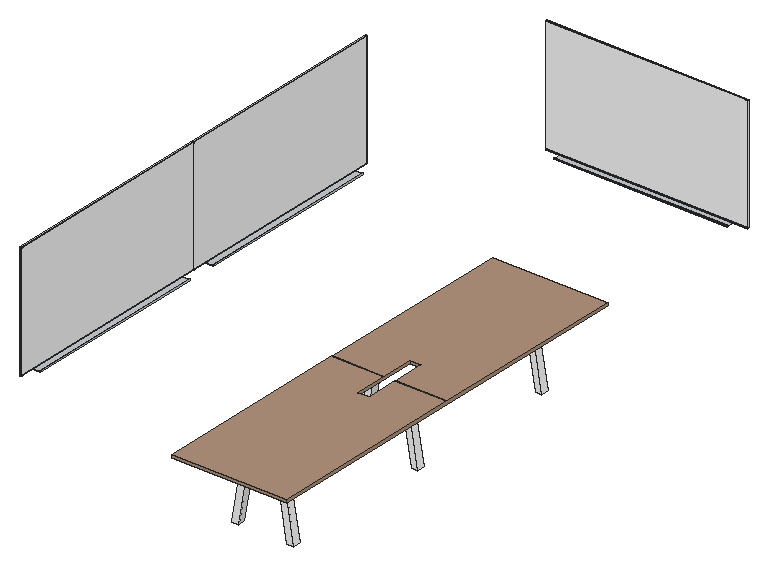
Revit family "Expansion_Casegoods-Meeting_03-Teknion-R2018", category Furniture Systems, Revit 2018
Family settings
  Round Connector Dimension = Use Diameter
  Part Type = Normal
  OmniClass Number = 23.40.70.14.64.21
  OmniClass Title = Systems Furniture
  Work Plane-Based = No
  Always vertical = Yes
  Cut with Voids When Loaded = No
  Shared = Yes
  Room Calculation Point = No
Parameters (values of type "Meeting 03")
  Warranty = "http://www.teknion.com/ca/papers/legal-canada"
  Unit Weight URL = "http://www.teknion.com/ca/tools/assets#&asset=bee6a381-b954-425e-8283-5a2de3a804f2,f828d448-4b62-4231-9e5f-9a8991c0ed77"
  URL = "www.teknion.com"
  Type Comments = "10'-6” x 19'-0” Overall"
  To render please download texture images found here [instance] = "https://assets.teknion.com/web/5e81352c1dfdb467/revit-material-swatches/"
  Sustainability Data = "https://www.teknion.com/ca/tools/assets#&topic=216f99a5-57a0-44fc-b10a-9dee9b29ae4c&asset=444deb64-fe58-4b68-981e-f75e97781df7,b4ff2d81-9f2e-437d-9659-7cffb09c31cf"
  Series = "Expansion Casegoods"  # constant formula
  Product Page URL = "https://www.teknionplanningtool.com/#?Meeting-03-ExpCasegoods"
  Product Line = "Expansion Casegoods"  # constant formula
  Model = "Expansion Casegoods Meeting 03"
  Material Finish Note [instance] = "Click on Edit Family to change the finishes."  # constant formula
  Manufacturer Phone = "416-661-3370"  # constant formula
  Manufacturer Fax = "416.661.4586"  # constant formula
  Manufacturer Contact Information = "http://www.teknion.com/ca/contactus"
  Manufacturer Address = "1150 Flint Road, Toronto, ON. M3J 2J5. Canada"  # constant formula
  Manufacturer = "Teknion"  # constant formula
  How To Use Teknion Materials User Guide [instance] = "https://assets.teknion.com/m/205dd0a49fa58060/original/How-to-add-a-Material-Library-and-Texture-Images-to-your-Revit-project.pdf"
  For Additional Finishes please visit [instance] = "https://assets.teknion.com/m/44a8009b046e5d47/original/Teknion_Materials_Library.zip"
  Assembly Code = "E2020200"
Reference planes (in)
  plane 1 "Center F/B": y = -14.21117
  plane 2: z = 0
  plane 3 "Center L/R": x = -4.21607
  plane 4 "Top": z = 29
  plane 5: x = -66
  plane 6: y = -126.42234
  plane 7: y = 98
  plane 8: x = 57.56785
Dimensions and locks (in)
  locked: plane 4 "Top" to level at 29
  equal spacing: plane 5, plane 3 "Center L/R", plane 8
  equal spacing: plane 7, plane 1 "Center F/B", plane 6
  plane 7 to plane 6 = 18' - 8.42234"
  plane 5 to plane 8 = 10' - 3.56785"
  aligned and locked: level to plane 2
Nested families (in)
  nested 1: "Tables-Meeting-Teknion-BAWMG_Wall_Mounted_Glass_Markerboard-R2018" at (14.79487, 97.85646, 0), type "Non-Magnetic Glass Markerboard Style, 48" h, with Pencil Tray"
    with Width 7' - 0", Top Trim & Pencil Tray Finish Paint - Teknion - Foundation - Very White, To render please download texture images found here "https://assets.teknion.com/web/5e81352c1dfdb467/revit-material-swatches/", How To Use Teknion Materials User Guide "https://assets.teknion.com/m/205dd0a49fa58060/original/How-to-add-a-Material-Library-and-Texture-Images-to-your-Revit-project.pdf", For Additional Finishes please visit "https://assets.teknion.com/m/44a8009b046e5d47/original/Teknion_Materials_Library.zip", Available Widths "48, 49, 50, 51, 52, 53, 54, 55, 56, 57, 58, 59, 60, 61, 62, 63, 64, 65, 66, 67, 68, 69, 70, 71, 72, 73, 74, 75, 76, 77, 78, 79, 80, 81, 82, 83, 84, 85, 86, 87, 88, 89, 90, 91, 92, 93, 94, 95, 96 inches."
  nested 2: "Tables-Meeting-Teknion-BC_CWA_Workshop_Conference_Table-R2018" at (16.67169, -37.51292, 0) x (0, 1, 0) z (0, 0, 1), type "1 3/16" Worksurface Thickness, 48" Depth"
    with Worksurface Finish Source Laminate - Teknion - 3M - Provincial Oak (Cross Grain), Width 14' - 0", To render please download texture images found here "https://assets.teknion.com/web/5e81352c1dfdb467/revit-material-swatches/", Thirds Split Visibility no, Thirds Split 2' - 5.996", Support Finish Mica - Teknion - V - Satin - Very White, Straight Corner yes, Radius Corner no, Power Pill Quad no, Power Module Cutout Note "Select one of the options below", No Cut-Out no, Linear Power Module Standard 18" no, Linear Power Module Extended  28" yes, Leg offset 1' - 4.142", How To Use Teknion Materials User Guide "https://assets.teknion.com/m/205dd0a49fa58060/original/How-to-add-a-Material-Library-and-Texture-Images-to-your-Revit-project.pdf", For Additional Finishes please visit "https://assets.teknion.com/m/44a8009b046e5d47/original/Teknion_Materials_Library.zip", Cutout 28 2' - 4.996", Corner Detail Note "Select one of the options below", Corner Cutout 2' - 7.996", Center leg yes, Center Split Visibility yes, Center Split 2' - 4.996", Center Leg Visibility 4' - 9.992", Available Widths "108\", 120\", 132\", 144\", 156\",and 168\"", Actual Width 13' - 11.16", 3 Power Pill Visibility no, 3 Power Pill 2' - 6.996", 3 Cutout 18 Visibility no, 3 Cutout 18 2' - 6.996", 2 Power Pill Visibility no, 2 Power Pill 2' - 6.996", 2 Cutout 18 Visibility no, 2 Cutout 18 2' - 6.996"
  nested 3: "Tables-Meeting-Teknion-BAWMG_Wall_Mounted_Glass_Markerboard-R2018" at (-65.85646, 7.87968, 0) x (0, 1, 0) z (0, 0, 1), type "Non-Magnetic Glass Markerboard Style, 48" h, with Pencil Tray"
    with Width 7' - 6", Top Trim & Pencil Tray Finish Paint - Teknion - Foundation - Very White, To render please download texture images found here "https://assets.teknion.com/web/5e81352c1dfdb467/revit-material-swatches/", How To Use Teknion Materials User Guide "https://assets.teknion.com/m/205dd0a49fa58060/original/How-to-add-a-Material-Library-and-Texture-Images-to-your-Revit-project.pdf", For Additional Finishes please visit "https://assets.teknion.com/m/44a8009b046e5d47/original/Teknion_Materials_Library.zip", Available Widths "48, 49, 50, 51, 52, 53, 54, 55, 56, 57, 58, 59, 60, 61, 62, 63, 64, 65, 66, 67, 68, 69, 70, 71, 72, 73, 74, 75, 76, 77, 78, 79, 80, 81, 82, 83, 84, 85, 86, 87, 88, 89, 90, 91, 92, 93, 94, 95, 96 inches."
  nested 4: "Tables-Meeting-Teknion-BAWMG_Wall_Mounted_Glass_Markerboard-R2018" at (-65.85646, -82.12032, 0) x (0, 1, 0) z (0, 0, 1), type "Non-Magnetic Glass Markerboard Style, 48" h, with Pencil Tray"
    with Width 7' - 6", Top Trim & Pencil Tray Finish Paint - Teknion - Foundation - Very White, To render please download texture images found here "https://assets.teknion.com/web/5e81352c1dfdb467/revit-material-swatches/", How To Use Teknion Materials User Guide "https://assets.teknion.com/m/205dd0a49fa58060/original/How-to-add-a-Material-Library-and-Texture-Images-to-your-Revit-project.pdf", For Additional Finishes please visit "https://assets.teknion.com/m/44a8009b046e5d47/original/Teknion_Materials_Library.zip", Available Widths "48, 49, 50, 51, 52, 53, 54, 55, 56, 57, 58, 59, 60, 61, 62, 63, 64, 65, 66, 67, 68, 69, 70, 71, 72, 73, 74, 75, 76, 77, 78, 79, 80, 81, 82, 83, 84, 85, 86, 87, 88, 89, 90, 91, 92, 93, 94, 95, 96 inches."
Definition of nested family "Tables-Meeting-Teknion-BAWMG_Wall_Mounted_Glass_Markerboard-R2018"
  Parameters (values of type "Non-Magnetic Glass Markerboard Style, 52" h, with Pencil Tray")
    Width [instance] = 4' - 0"
    Warranty = "http://www.teknion.com/ca/papers/legal-canada"
    Unit Weight URL = "http://www.teknion.com/ca/tools/assets#&asset=bee6a381-b954-425e-8283-5a2de3a804f2,f828d448-4b62-4231-9e5f-9a8991c0ed77"
    URL = "www.teknion.com"
    Top Trim & Pencil Tray Finish [instance] = none
    To render please download texture images found here [instance] = "https://assets.teknion.com/web/5e81352c1dfdb467/revit-material-swatches/"
    Sustainability Data = "https://www.teknion.com/ca/tools/assets#&topic=216f99a5-57a0-44fc-b10a-9dee9b29ae4c&asset=444deb64-fe58-4b68-981e-f75e97781df7,b4ff2d81-9f2e-437d-9659-7cffb09c31cf"
    Series = "Expansion Casegoods"  # constant formula
    Product Page URL = "https://www.teknion.com/ca/products/product-details?productLineId=0053336e-8e7a-673b-a6c8-ff00004460c4"
    Product Line = "Expansion Casegoods"  # constant formula
    Product Documentation Link = "https://www.teknion.com/pricing/expansion-casegoods/pdfs/BAWMG_ppg.pdf"
    Pencil Tray Option = yes
    Part Number = "BAWMG"  # constant formula
    Model = "BAWMGG52__Y"
    Manufacturer Phone = "416-661-3370"  # constant formula
    Manufacturer Fax = "416.661.4586"  # constant formula
    Manufacturer Contact Information = "http://www.teknion.com/ca/contactus"
    Manufacturer Address = "1150 Flint Road, Toronto, ON. M3J 2J5. Canada"  # constant formula
    Manufacturer = "Teknion"  # constant formula
    How To Use Teknion Materials User Guide [instance] = "https://assets.teknion.com/m/205dd0a49fa58060/original/How-to-add-a-Material-Library-and-Texture-Images-to-your-Revit-project.pdf"
    Height = 4' - 4"
    For Additional Finishes please visit [instance] = "https://assets.teknion.com/m/44a8009b046e5d47/original/Teknion_Materials_Library.zip"
    Description = "Wall-Mounted Glass Markerboard, Non-Magnetic Glass Markerboard Style, 52\" Height, with Pencil Tray"
    Available Widths [instance] = if(Height = 4' 0", "48, 49, 50, 51, 52, 53, 54, 55, 56, 57, 58, 59, 60, 61, 62, 63, 64, 65, 66, 67, 68, 69, 70, 71, 72, 73, 74, 75, 76, 77, 78, 79, 80, 81, 82, 83, 84, 85, 86, 87, 88, 89, 90, 91, 92, 93, 94, 95, 96 inches.", "48, 49, 50, 51, 52, 53, 54, 55, 56, 57, 58, 59, 60, 61, 62, 63, 64, 65, 66, 67, 68, 69, 70, 71, 72, 73, 74, 75, 76, 77, 78, 79, 80, 81, 82, 83, 84, 85, 86, 87, 88 inches.")  # "48, 49, 50, 51, 52, 53, 54, 55, 56, 57, 58, 59, 60, 61, 62, 63, 64, 65, 66, 67, 68, 69, 70, 71, 72, 73, 74, 75, 76, 77, 78, 79, 80, 81, 82, 83, 84, 85, 86, 87, 88 inches."
    Assembly Code = "E2020200"
  Types (9): name | Pencil Tray Option | Model | Height | Description | Available Widths
    (no name) | yes | "BAWMGG52__Y" | 4' - 4" | "Wall-Mounted Glass Markerboard, Non-Magnetic Glass Markerboard Style, 52\" Height, with Pencil Tray" | "48, 49, 50, 51, 52, 53, 54, 55, 56, 57, 58, 59, 60, 61, 62, 63, 64, 65, 66, 67, 68, 69, 70, 71, 72, 73, 74, 75, 76, 77, 78, 79, 80, 81, 82, 83, 84, 85, 86, 87, 88 inches."
    Non-Magnetic Glass Markerboard Style, 48" h, with Pencil Tray | yes | "BAWMGG48__Y" | 4' - 0" | "Wall-Mounted Glass Markerboard, Non-Magnetic Glass Markerboard Style, 48\" Height, with Pencil Tray" | "48, 49, 50, 51, 52, 53, 54, 55, 56, 57, 58, 59, 60, 61, 62, 63, 64, 65, 66, 67, 68, 69, 70, 71, 72, 73, 74, 75, 76, 77, 78, 79, 80, 81, 82, 83, 84, 85, 86, 87, 88, 89, 90, 91, 92, 93, 94, 95, 96 inches."
    Non-Magnetic Glass Markerboard Style, 48" h | no | "BAWMGG48__N" | 4' - 0" | "Wall-Mounted Glass Markerboard, Non-Magnetic Glass Markerboard Style, 48\" Height" | "48, 49, 50, 51, 52, 53, 54, 55, 56, 57, 58, 59, 60, 61, 62, 63, 64, 65, 66, 67, 68, 69, 70, 71, 72, 73, 74, 75, 76, 77, 78, 79, 80, 81, 82, 83, 84, 85, 86, 87, 88, 89, 90, 91, 92, 93, 94, 95, 96 inches."
    Non-Magnetic Glass Markerboard Style, 52" h | no | "BAWMGG52__N" | 4' - 4" | "Wall-Mounted Glass Markerboard, Non-Magnetic Glass Markerboard Style, 52\" Height" | "48, 49, 50, 51, 52, 53, 54, 55, 56, 57, 58, 59, 60, 61, 62, 63, 64, 65, 66, 67, 68, 69, 70, 71, 72, 73, 74, 75, 76, 77, 78, 79, 80, 81, 82, 83, 84, 85, 86, 87, 88 inches."
    Non-Magnetic Glass Markerboard Style, 52" h, with Pencil Tray | yes | "BAWMGG52__Y" | 4' - 4" | "Wall-Mounted Glass Markerboard, Non-Magnetic Glass Markerboard Style, 52\" Height, with Pencil Tray" | "48, 49, 50, 51, 52, 53, 54, 55, 56, 57, 58, 59, 60, 61, 62, 63, 64, 65, 66, 67, 68, 69, 70, 71, 72, 73, 74, 75, 76, 77, 78, 79, 80, 81, 82, 83, 84, 85, 86, 87, 88 inches."
    Magnetic Glass Markerboard Style, 48" h | no | "BAWMGM48__N" | 4' - 0" | "Wall-Mounted Glass Markerboard, Magnetic Glass Markerboard Style, 48\" Height" | "48, 49, 50, 51, 52, 53, 54, 55, 56, 57, 58, 59, 60, 61, 62, 63, 64, 65, 66, 67, 68, 69, 70, 71, 72, 73, 74, 75, 76, 77, 78, 79, 80, 81, 82, 83, 84, 85, 86, 87, 88, 89, 90, 91, 92, 93, 94, 95, 96 inches."
    Magnetic Glass Markerboard Style, 48" h, with Pencil Tray | yes | "BAWMGM48__Y" | 4' - 0" | "Wall-Mounted Glass Markerboard, Magnetic Glass Markerboard Style, 48\" Height, with Pencil Tray" | "48, 49, 50, 51, 52, 53, 54, 55, 56, 57, 58, 59, 60, 61, 62, 63, 64, 65, 66, 67, 68, 69, 70, 71, 72, 73, 74, 75, 76, 77, 78, 79, 80, 81, 82, 83, 84, 85, 86, 87, 88, 89, 90, 91, 92, 93, 94, 95, 96 inches."
    Magnetic Glass Markerboard Style, 52" h | no | "BAWMGM52__N" | 4' - 4" | "Wall-Mounted Glass Markerboard, Magnetic Glass Markerboard Style, 52\" Height" | "48, 49, 50, 51, 52, 53, 54, 55, 56, 57, 58, 59, 60, 61, 62, 63, 64, 65, 66, 67, 68, 69, 70, 71, 72, 73, 74, 75, 76, 77, 78, 79, 80, 81, 82, 83, 84, 85, 86, 87, 88 inches."
    Magnetic Glass Markerboard Style, 52" h, with Pencil Tray | yes | "BAWMGM52__Y" | 4' - 4" | "Wall-Mounted Glass Markerboard, Magnetic Glass Markerboard Style, 52\" Height, with Pencil Tray" | "48, 49, 50, 51, 52, 53, 54, 55, 56, 57, 58, 59, 60, 61, 62, 63, 64, 65, 66, 67, 68, 69, 70, 71, 72, 73, 74, 75, 76, 77, 78, 79, 80, 81, 82, 83, 84, 85, 86, 87, 88 inches."
  Reference planes (in)
    plane 1 "Center Front/Back": y = -0.06788
    plane 2: z = 0
    plane 3 "Center Left/Right": x = 0.77298
    plane 4 "Left": x = -23.22702
    plane 5 "Right": x = 24.77298
    plane 6 "Back": y = 0.14354
    plane 7 "Front": y = -0.27929
    plane 8 "Top": z = 92.05906
    plane 9: z = 40.05906
  Forms (in)
    Sweep 1, solid
      path origin (0, 0, 0) x (1, 0, 0) y (0, 1, 0)
        loop
          line (0.77298, -0.17929) -> (0.77298, 0.14354)
      profile origin (0.77298, -0.01788, 0) x (-1, 0, 0) y (0, 0, 1)
        loop
          line (24, 92.00906) -> (-24, 92.00906) -> (-24, 40.16811) -> (24, 40.16811) -> (24, 92.00906)
    Sweep 2, solid, material <- "Top Trim & Pencil Tray Finish"
      path origin (0, 0, 0) x (1, 0, 0) y (0, 1, 0)
        loop
          line (0.77298, -0.27929) -> (0.77298, 0.14354)
      profile origin (0.77298, -0.06788, 0) x (-1, 0, 0) y (0, 0, 1)
        loop
          line (24, 92.00906) -> (24, 92.05906) -> (-24, 92.05906) -> (-24, 92.00906) -> (24, 92.00906)
        loop
          line (-24, 40.16811) -> (-24, 40.05906) -> (24, 40.05906) -> (24, 40.16811) -> (-24, 40.16811)
    Sweep 3, solid
      path origin (0, 0, 0) x (1, 0, 0) y (0, 1, 0)
        loop
          line (0.77298, -0.17929) -> (0.77298, -0.27929)
      profile origin (0.77298, -0.22929, 0) x (1, 0, 0) y (0, 0, 1)
        loop
          line (-24, 92.00906) -> (-24, 40.16811) -> (24, 40.16811) -> (24, 92.00906) -> (-24, 92.00906)
    Sweep 4, solid, material <- "Top Trim & Pencil Tray Finish", visible <- "Pencil Tray Option"
      path origin (0, 0, 0) x (1, 0, 0) y (0, 1, 0)
        loop
          line (-17.22702, -1.42754) -> (18.77298, -1.42754)
      profile origin (0.77298, -1.42754, 0) x (0, 1, 0) y (0, 0, 1)
        loop
          line (1.57108, 40) -> (1.57108, 40.05906) -> (-1.91317, 40.05906) -> (-1.91317, 40.51732) -> (-1.97222, 40.51732) -> (-1.97222, 40) -> (1.57108, 40)
  Lines and regions (in)
    Masking region 1
      outline origin (0, 0, 0) x (1, 0, 0) y (0, 1, 0)
        loop
          line (-23.22702, 0.14354) -> (-23.22702, -0.27929) -> (24.77298, -0.27929) -> (24.77298, 0.14354) -> (-23.22702, 0.14354)
    Masking region 2, visible <- "Pencil Tray Option"
      outline origin (0, 0, 0) x (1, 0, 0) y (0, 1, 0)
        loop
          line (-17.22702, -3.39977) -> (18.77298, -3.39977) -> (18.77298, -0.27929) -> (-17.22702, -0.27929) -> (-17.22702, -3.39977)
    symbolic lines, visible <- "Pencil Tray Option"
      curve 1: line (18.77298, -3.34071, 0) -> (-17.22702, -3.34071, 0)
    symbolic lines, visible <- "Pencil Tray Option", detail levels fine
      curve 2: line (-17.22702, -0.27929, 0) -> (-17.22702, 0.14354, 0)
      curve 3: line (18.77298, 0.14354, 0) -> (18.77298, -0.27929, 0)
    reference lines
      curve 4: line (24.77298, 0.14354, 0) -> (24.77298, -0.27929, 0)
      curve 5: line (-23.22702, 0.14354, 0) -> (-23.22702, -0.27929, 0)
  Dimensions and locks (in)
    "Width": plane 4 "Left" to plane 5 "Right"
    equal spacing: plane 6 "Back", plane 1 "Center Front/Back", plane 7 "Front", locked at 0.21142 each
    "Height": plane 8 "Top" to plane 9
    equal spacing: plane 4 "Left", plane 3 "Center Left/Right", plane 5 "Right"
    locked: plane 9 to level at 40.05906
    locked: plane 8 "Top" to Sweep 1 sketch curve at 0.05
    locked: Sweep 1 sketch curve to plane 9 at 0.10906
    locked: plane 8 "Top" to Sweep 2 sketch curve at 0.05
    locked: Sweep 2 sketch curve to plane 9 at 0.10906
    locked: plane 6 "Back" to Sweep 1 sketch curve at 0.32283
    locked: plane 7 "Front" to Sweep 3 sketch curve at 0.1
    locked: Sweep 3 sketch curve to plane 9 at 0.10906
    locked: plane 8 "Top" to Sweep 3 sketch curve at 0.05
    locked: plane 4 "Left" to Sweep 4 sketch curve at 6
    locked: Sweep 4 sketch curve to plane 5 "Right" at 6
    Sweep 4 sketch curve to plane 9 to Sweep 4 sketch curve = 0' - 0.45827" locked, 0' - 0.05906" locked
    plane 7 "Front" to Sweep 4 sketch curve to Sweep 4 sketch curve = 0' - 3.06142" locked, 0' - 0.05906" locked
    aligned and locked: level to plane 2
    aligned and locked: plane 6 "Back" to Sweep 1 sketch curve
    aligned and locked: plane 3 "Center Left/Right" to Sweep 1 sketch curve
    aligned and locked: Sweep 1 sketch curve to plane 5 "Right"
    aligned and locked: Sweep 1 sketch curve to plane 4 "Left"
    aligned and locked: plane 8 "Top" to Sweep 2 sketch curve
    aligned and locked: plane 4 "Left" to Sweep 2 sketch curve
    aligned and locked: Sweep 2 sketch curve to plane 5 "Right"
    aligned and locked: plane 9 to Sweep 2 sketch curve
    aligned and locked: Sweep 2 sketch curve to plane 4 "Left"
    aligned and locked: plane 5 "Right" to Sweep 2 sketch curve
    aligned and locked: plane 7 "Front" to Sweep 3 sketch curve
    aligned and locked: Sweep 3 sketch curve to plane 4 "Left"
    aligned and locked: plane 5 "Right" to Sweep 3 sketch curve
    aligned and locked: plane 9 to Sweep 4 sketch curve
    aligned and locked: Sweep 4 sketch curve to plane 6 "Back"
    aligned and locked: Masking region 1 sketch curve to plane 6 "Back"
    aligned and locked: Masking region 1 sketch curve to plane 4 "Left"
    aligned and locked: Masking region 1 sketch curve to plane 7 "Front"
    aligned and locked: Masking region 1 sketch curve to plane 5 "Right"
    aligned and locked: Masking region 2 sketch curve to Sweep 4  (x3)
    aligned and locked: plane 7 "Front" to Masking region 2 sketch curve
    aligned and locked: curve 1 to Sweep 4
    aligned and locked: Sweep 4 to curve 2
    aligned and locked: plane 6 "Back" to curve 2
    aligned and locked: plane 7 "Front" to curve 2
    aligned and locked: plane 7 "Front" to curve 3
    aligned and locked: curve 3 to plane 6 "Back"
    aligned and locked: curve 3 to Sweep 4
    aligned and locked: curve 4 to plane 5 "Right"
    aligned and locked: curve 5 to plane 4 "Left"
  Automatic sketch dimensions
    Sweep 2 sketch curve to plane 3 "Center Left/Right" = 0' - 0"
    plane 7 "Front" to Sweep 2 sketch curve = 0' - 0"
    Sweep 2 sketch curve to plane 6 "Back" = 0' - 0"
    Sweep 3 sketch curve to plane 3 "Center Left/Right" = 0' - 0"
    plane 7 "Front" to Sweep 4 sketch curve = 0' - 1.14825"
    curve 1 to curve 2 = 0' - 0"
    curve 1 to curve 3 = 0' - 0"
    plane 7 "Front" to curve 4 = 0' - 0"
    plane 6 "Back" to curve 4 = 0' - 0"
    curve 5 to plane 7 "Front" = 0' - 0"
    curve 5 to plane 6 "Back" = 0' - 0"
Definition of nested family "Tables-Meeting-Teknion-BC_CWA_Workshop_Conference_Table-R2018"
  Parameters (values of type "1 3/16" Worksurface Thickness, 42" Depth")
    Worksurface Finish [instance] = none
    Width [instance] = 14' - 0"
    Warranty = "http://www.teknion.com/ca/papers/legal-canada"
    Unit Weight URL = "http://www.teknion.com/ca/tools/assets#&asset=bee6a381-b954-425e-8283-5a2de3a804f2,f828d448-4b62-4231-9e5f-9a8991c0ed77"
    URL = "www.teknion.com"
    To render please download texture images found here [instance] = "https://assets.teknion.com/web/5e81352c1dfdb467/revit-material-swatches/"
    Thirds Split Visibility [instance] = Width > 14' 2"  # no
    Thirds Split [instance] = if(Width > 14' 2", Height, Height + 0' 1")  # 2' - 5.996"
    Sustainability Data = "https://www.teknion.com/ca/tools/assets#&topic=216f99a5-57a0-44fc-b10a-9dee9b29ae4c&asset=444deb64-fe58-4b68-981e-f75e97781df7,b4ff2d81-9f2e-437d-9659-7cffb09c31cf"
    Support Finish [instance] = none
    Straight Corner [instance] = not(Radius Corner)  # yes
    Series = "Expansion Casegoods"  # constant formula
    Radius Corner [instance] = no
    Product Page URL = "https://www.teknion.com/ca/products/product-details?productlineid=0053336e-8e7a-673b-a6c8-ff00004460c4"
    Product Line = "Expansion Casegoods"  # constant formula
    Product Documentation Link = "https://www.teknion.com/pricing/expansion-casegoods/pdfs/BC_CWA_ppg.pdf"
    Power Pill Quad [instance] = no
    Power Module Cutout Note [instance] = "Select one of the options below"  # constant formula
    Part Number = "BC_CWA"
    No Cut-Out [instance] = not(or([Linear Power Module Standard 18"], [Linear Power Module Extended  28"], Power Pill Quad))  # yes
    Model = "BCMCWA42_____"
    Manufacturer Phone = "416-661-3370"  # constant formula
    Manufacturer Fax = "416.661.4586"  # constant formula
    Manufacturer Contact Information = "http://www.teknion.com/ca/contactus"
    Manufacturer Address = "1150 Flint Road, Toronto, ON. M3J 2J5. Canada"  # constant formula
    Manufacturer = "Teknion"  # constant formula
    Linear Power Module Standard 18" [instance] = no
    Linear Power Module Extended  28" [instance] = no
    Leg offset [instance] = if(or(Width = 9' 0", Width > 12' 11"), 1' 4.142", 1' 9.142")  # 1' - 4.142"
    Leg Depth = if(Depth > 4' 2", 0' 11.709", 0' 7.709")  # 0' - 7.709"
    How To Use Teknion Materials User Guide [instance] = "https://assets.teknion.com/m/205dd0a49fa58060/original/How-to-add-a-Material-Library-and-Texture-Images-to-your-Revit-project.pdf"
    Height = 2' - 4.996"
    For Additional Finishes please visit [instance] = "https://assets.teknion.com/m/44a8009b046e5d47/original/Teknion_Materials_Library.zip"
    Description = "Workshop Conference Table, 1 3/16\" Worksurface Thickness, 42\" Depth"
    Depth = 3' - 5.79"
    Cutout 28 [instance] = if([Linear Power Module Extended  28"], Height, Height + 0' 2")  # 2' - 6.996"
    Corner Detail Note [instance] = "Select one of the options below"  # constant formula
    Corner Cutout [instance] = if(Radius Corner, Height, Height + 0' 3")  # 2' - 7.996"
    Center leg [instance] = Width > 12' 11"  # yes
    Center Split Visibility [instance] = Width < 14' 2"  # yes
    Center Split [instance] = if(Width < 14' 2", Height, Height + 0' 1")  # 2' - 4.996"
    Center Leg Visibility [instance] = if(Width < 12' 11", Height, Height + Height)  # 4' - 9.992"
    Available Widths [instance] = if(or(Depth = 3' 5.79", Depth = 3' 11.76"), "108\", 120\", 132\", 144\", 156\",and 168\"", if(Depth = 4' 5.73", "120\", 132\", 144\", 156\", 168\", 180\", and 192\"", "144\", 156\", 168\", 180\", 192\", 204\", and 216\""))  # "108\", 120\", 132\", 144\", 156\",and 168\""
    Assembly Code = "E2020200"
    Actual Width [instance] = if(Width = 9' 0", 8' 11.46", if(Width = 10' 0", 9' 11.4", if(Width = 11' 0", 10' 11.34", if(Width = 12' 0", 11' 11.28", if(Width = 13' 0", 12' 11.22", if(Width = 14' 0", 13' 11.16", if(Width = 15' 0", 14' 11.1", if(Width = 16' 0", 15' 11.04", if(Width = 17' 0", 16' 10.98", 17' 10.92")))))))))  # 13' - 11.16"
    3 Power Pill Visibility [instance] = and(Power Pill Quad, Width > 14' 2")  # no
    3 Power Pill [instance] = if(and(Power Pill Quad, Width > 14' 2"), Height, Height + 0' 2")  # 2' - 6.996"
    3 Cutout 18 Visibility [instance] = and(Power Pill Quad, Width < 14' 2")  # no
    3 Cutout 18 [instance] = if(and([Linear Power Module Standard 18"], Width > 14' 2"), Height, Height + 0' 2")  # 2' - 6.996"
    2 Power Pill Visibility [instance] = and([Linear Power Module Standard 18"], Width > 14' 2")  # no
    2 Power Pill [instance] = if(and(Power Pill Quad, Width < 14' 2"), Height, Height + 0' 2")  # 2' - 6.996"
    2 Cutout 18 Visibility [instance] = and([Linear Power Module Standard 18"], Width < 14' 2")  # no
    2 Cutout 18 [instance] = if(and([Linear Power Module Standard 18"], Width < 14' 2"), Height, Height + 0' 2")  # 2' - 6.996"
  Types (8): name | Thirds Split | Model | Leg Depth | Height | Description | Depth | Cutout 28 | Corner Cutout | Center Split | Center Leg Visibility | Available Widths | 3 Power Pill | 3 Cutout 18 | 2 Power Pill | 2 Cutout 18
    (no name) | 2' - 5.996" | "BCMCWA42_____" | 0' - 7.709" | 2' - 4.996" | "Workshop Conference Table, 1 3/16\" Worksurface Thickness, 42\" Depth" | 3' - 5.79" | 2' - 6.996" | 2' - 7.996" | 2' - 4.996" | 4' - 9.992" | "108\", 120\", 132\", 144\", 156\",and 168\"" | 2' - 6.996" | 2' - 6.996" | 2' - 6.996" | 2' - 6.996"
    1 3/16" Worksurface Thickness, 42" Depth | 2' - 5.996" | "BCMCWA42_____" | 0' - 7.709" | 2' - 4.996" | "Workshop Conference Table, 1 3/16\" Worksurface Thickness, 42\" Depth" | 3' - 5.79" | 2' - 6.996" | 2' - 7.996" | 2' - 4.996" | 4' - 9.992" | "108\", 120\", 132\", 144\", 156\",and 168\"" | 2' - 6.996" | 2' - 6.996" | 2' - 6.996" | 2' - 6.996"
    1 9/16" Worksurface Thickness, 42" Depth | 2' - 6.362" | "BCXCWA42_____" | 0' - 7.709" | 2' - 5.362" | "Workshop Conference Table, 1 9/16\" Worksurface Thickness, 42\" Depth" | 3' - 5.79" | 2' - 7.362" | 2' - 8.362" | 2' - 5.362" | 4' - 10.724" | "108\", 120\", 132\", 144\", 156\",and 168\"" | 2' - 7.362" | 2' - 7.362" | 2' - 7.362" | 2' - 7.362"
    1 3/16" Worksurface Thickness, 48" Depth | 2' - 5.996" | "BCMCWA48_____" | 0' - 7.709" | 2' - 4.996" | "Workshop Conference Table, 1 3/16\" Worksurface Thickness, 48\" Depth" | 3' - 11.76" | 2' - 6.996" | 2' - 7.996" | 2' - 4.996" | 4' - 9.992" | "108\", 120\", 132\", 144\", 156\",and 168\"" | 2' - 6.996" | 2' - 6.996" | 2' - 6.996" | 2' - 6.996"
    1 3/16" Worksurface Thickness, 54" Depth | 2' - 5.996" | "BCMCWA54_____" | 0' - 11.709" | 2' - 4.996" | "Workshop Conference Table, 1 3/16\" Worksurface Thickness, 54\" Depth" | 4' - 5.73" | 2' - 6.996" | 2' - 7.996" | 2' - 4.996" | 4' - 9.992" | "120\", 132\", 144\", 156\", 168\", 180\", and 192\"" | 2' - 6.996" | 2' - 6.996" | 2' - 6.996" | 2' - 6.996"
    1 3/16" Worksurface Thickness, 60" Depth | 2' - 5.996" | "BCMCWA60_____" | 0' - 11.709" | 2' - 4.996" | "Workshop Conference Table, 1 3/16\" Worksurface Thickness, 60\" Depth" | 4' - 11.7" | 2' - 6.996" | 2' - 7.996" | 2' - 4.996" | 4' - 9.992" | "144\", 156\", 168\", 180\", 192\", 204\", and 216\"" | 2' - 6.996" | 2' - 6.996" | 2' - 6.996" | 2' - 6.996"
    1 9/16" Worksurface Thickness, 48" Depth | 2' - 6.362" | "BCXCWA48_____" | 0' - 7.709" | 2' - 5.362" | "Workshop Conference Table, 1 9/16\" Worksurface Thickness, 48\" Depth" | 3' - 11.76" | 2' - 7.362" | 2' - 8.362" | 2' - 5.362" | 4' - 10.724" | "108\", 120\", 132\", 144\", 156\",and 168\"" | 2' - 7.362" | 2' - 7.362" | 2' - 7.362" | 2' - 7.362"
    1 9/16" Worksurface Thickness, 54" Depth | 2' - 6.362" | "BCXCWA54_____" | 0' - 11.709" | 2' - 5.362" | "Workshop Conference Table, 1 9/16\" Worksurface Thickness, 54\" Depth" | 4' - 5.73" | 2' - 7.362" | 2' - 8.362" | 2' - 5.362" | 4' - 10.724" | "120\", 132\", 144\", 156\", 168\", 180\", and 192\"" | 2' - 7.362" | 2' - 7.362" | 2' - 7.362" | 2' - 7.362"
  Reference planes (in)
    plane 1 "Center Front/Back": y = 0
    plane 2: z = 0
    plane 3 "Center Left/Right": x = 0
    plane 4 "Left": x = -83.58
    plane 5 "Right": x = 83.58
    plane 6 "Back": y = 20.895
    plane 7 "Front": y = -20.895
    plane 8 "Top": z = 28.996
    plane 9: x = -67.438
    plane 10: x = 67.438
    plane 11: y = 3.8545
    plane 12: y = -3.8545
    plane 13: x = -27.86
    plane 14: x = 27.86
    plane 15: x = -55.72
    plane 16: x = 55.72
    plane 17: x = -41.79
    plane 18: x = 41.79
  Forms (in)
    Sweep 1, solid, material <- "Worksurface Finish"
      path origin (0, 0, 0) x (1, 0, 0) y (0, 0, 1)
        loop
          line (0, 28.996) -> (0, 27.80709)
      profile origin (0, 0, 28.40154) x (0, -1, 0) y (1, 0, 0)
        loop
          line (-20.895, -83.58) -> (20.895, -83.58) -> (20.895, 83.58) -> (-20.895, 83.58) -> (-20.895, -83.58)
    Sweep 2, solid, material <- "Support Finish"
      path origin (0, 0, 0) x (1, 0, 0) y (0, 0, 1)
        loop
          line (0, 27.80709) -> (0, 27.61969)
      profile origin (0, 0, 27.71339) x (0, -1, 0) y (1, 0, 0)
        loop
          line (-9.57104, -67.438) -> (-3.8545, -67.438) -> (-3.8545, -61.72146) -> (-9.57104, -61.72146) -> (-9.57104, -67.438)
        loop
          line (9.57104, -67.438) -> (9.57104, -61.72146) -> (3.8545, -61.72146) -> (3.8545, -67.438) -> (9.57104, -67.438)
        loop
          line (-9.57104, 67.438) -> (-9.57104, 61.72146) -> (-3.8545, 61.72146) -> (-3.8545, 67.438) -> (-9.57104, 67.438)
        loop
          line (9.57104, 67.438) -> (3.8545, 67.438) -> (3.8545, 61.72146) -> (9.57104, 61.72146) -> (9.57104, 67.438)
    Sweep 3, solid, material <- "Support Finish", visible <- "Center leg"
      path origin (0, 0, 0) x (1, 0, 0) y (0, 0, 1)
        loop
          line (0, 27.80709) -> (0, 27.61969)
      profile origin (0, 0, 27.71339) x (0, -1, 0) y (1, 0, 0)
        loop
          line (-9.57104, 2.85827) -> (-9.57104, -2.85827) -> (-3.8545, -2.85827) -> (-3.8545, 2.85827) -> (-9.57104, 2.85827)
        loop
          line (3.8545, 2.85827) -> (3.8545, -2.85827) -> (9.57104, -2.85827) -> (9.57104, 2.85827) -> (3.8545, 2.85827)
    Sweep 4, solid, material <- "Support Finish"
      path origin (0, 0, 0) x (1, 0, 0) y (0, 1, 0)
        loop
          line (-65.99706, 0) -> (65.99706, 0)
      profile origin (0, 0, 0) x (0, 1, 0) y (0, 0, 1)
        loop
          line (5.29544, 27.61969) -> (10.16554, 0) -> (13.00019, 0) -> (8.13009, 27.61969) -> (5.29544, 27.61969)
        loop
          line (-5.29544, 27.61969) -> (-8.13009, 27.61969) -> (-13.00019, 0) -> (-10.16554, 0) -> (-5.29544, 27.61969)
    Sweep 5, void
      path origin (0, 0, 0) x (1, 0, 0) y (0, 1, 0)
        loop
          line (0, -20.895) -> (0, 20.895)
      profile origin (0, 0, 0) x (-1, 0, 0) y (0, 0, 1)
        loop
          line (-1.41732, 28.996) -> (-63.16241, 28.996) -> (-63.16241, 0) -> (-1.41732, 0) -> (-1.41732, 28.996)
        loop
          line (1.41732, 28.996) -> (1.41732, 0) -> (63.16241, 0) -> (63.16241, 28.996) -> (1.41732, 28.996)
    Sweep 6, void
      path origin (0, 0, 0) x (1, 0, 0) y (0, 1, 0)
        loop
          line (0, -20.895) -> (0, 20.895)
      profile origin (0, 0, 0) x (-1, 0, 0) y (0, 0, 1)
        loop
          line (3.60615, 57.992) -> (-3.60615, 57.992) -> (-3.60615, 28.996) -> (3.60615, 28.996) -> (3.60615, 57.992)
    Sweep 7, void
      path origin (0, 0, 0) x (1, 0, 0) y (0, 1, 0)
        loop
          line (0, -20.895) -> (0, 20.895)
      profile origin (0, 0, 0) x (-1, 0, 0) y (0, 0, 1)
        loop
          line (0.05906, 28.996) -> (-0.05906, 28.996) -> (0, 28.96846) -> (0.05906, 28.996)
    Sweep 8, void
      path origin (0, 0, 0) x (1, 0, 0) y (0, 1, 0)
        loop
          line (0, -20.895) -> (0, 20.895)
      profile origin (0, 0, 0) x (-1, 0, 0) y (0, 0, 1)
        loop
          line (27.86, 29.96846) -> (27.91906, 29.996) -> (27.80094, 29.996) -> (27.86, 29.96846)
        loop
          line (-27.86, 29.96846) -> (-27.80094, 29.996) -> (-27.91906, 29.996) -> (-27.86, 29.96846)
    Sweep 9, void
      path origin (0, 0, 0) x (1, 0, 0) y (0, 0, 1)
        loop
          line (0, 31.996) -> (0, 29.996)
      profile origin (0, 0, 30.996) x (0, -1, 0) y (1, 0, 0)
        loop
          arc (-18.02, -83.58) -> (-20.05293, -82.73793) -> (-20.895, -80.705) r 2.875
          line (-20.895, -80.705) -> (-20.895, -83.58) -> (-18.02, -83.58)
        loop
          line (18.02, -83.58) -> (20.895, -83.58) -> (20.895, -80.705)
          arc (20.895, -80.705) -> (20.05293, -82.73793) -> (18.02, -83.58) r 2.875
        loop
          line (-18.02, 83.58) -> (-20.895, 83.58) -> (-20.895, 80.705)
          arc (-20.895, 80.705) -> (-20.05293, 82.73793) -> (-18.02, 83.58) r 2.875
        loop
          arc (18.02, 83.58) -> (20.05293, 82.73793) -> (20.895, 80.705) r 2.875
          line (20.895, 80.705) -> (20.895, 83.58) -> (18.02, 83.58)
    Sweep 10, void
      path origin (0, 0, 0) x (1, 0, 0) y (0, 0, 1)
        loop
          line (0, 28.996) -> (0, 30.996)
      profile origin (0, 0, 29.996) x (-1, 0, 0) y (0, -1, 0)
        loop
          line (-13.4252, 2.32283) -> (-13.4252, -2.32283) -> (13.4252, -2.32283) -> (13.4252, 2.32283) -> (-13.4252, 2.32283)
    Sweep 11, void
      path origin (0, 0, 0) x (1, 0, 0) y (0, 0, 1)
        loop
          line (0, 30.996) -> (0, 28.996)
      profile origin (0, 0, 29.996) x (0, -1, 0) y (1, 0, 0)
        loop
          line (2.32283, -50.17583) -> (2.32283, -33.40417) -> (-2.32283, -33.40417) -> (-2.32283, -50.17583) -> (2.32283, -50.17583)
        loop
          line (2.32283, 33.40417) -> (2.32283, 50.17583) -> (-2.32283, 50.17583) -> (-2.32283, 33.40417) -> (2.32283, 33.40417)
    Sweep 12, void
      path origin (0, 0, 0) x (1, 0, 0) y (0, 0, 1)
        loop
          line (0, 30.996) -> (0, 28.996)
      profile origin (0, 0, 29.996) x (0, -1, 0) y (1, 0, 0)
        loop
          line (-2.32283, -8.38583) -> (2.32283, -8.38583) -> (2.32283, 8.38583) -> (-2.32283, 8.38583) -> (-2.32283, -8.38583)
        loop
          line (-2.32283, -64.10583) -> (2.32283, -64.10583) -> (2.32283, -47.33417) -> (-2.32283, -47.33417) -> (-2.32283, -64.10583)
        loop
          line (-2.32283, 64.10583) -> (-2.32283, 47.33417) -> (2.32283, 47.33417) -> (2.32283, 64.10583) -> (-2.32283, 64.10583)
    Sweep 13, void
      path origin (0, 0, 0) x (1, 0, 0) y (0, 0, 1)
        loop
          line (0, 30.996) -> (0, 28.996)
      profile origin (0, 0, 29.996) x (0, -1, 0) y (1, 0, 0)
        loop
          arc (-1.65354, -44.03409) -> (0, -45.68764) -> (1.65354, -44.03409) r 1.65354
          line (1.65354, -44.03409) -> (1.65354, -39.54591)
          arc (1.65354, -39.54591) -> (0, -37.89236) -> (-1.65354, -39.54591) r 1.65354
          line (-1.65354, -39.54591) -> (-1.65354, -44.03409)
        loop
          arc (-1.65354, 39.54591) -> (0, 37.89236) -> (1.65354, 39.54591) r 1.65354
          line (1.65354, 39.54591) -> (1.65354, 44.03409)
          arc (1.65354, 44.03409) -> (0, 45.68764) -> (-1.65354, 44.03409) r 1.65354
          line (-1.65354, 44.03409) -> (-1.65354, 39.54591)
    Sweep 14, void
      path origin (0, 0, 0) x (1, 0, 0) y (0, 0, 1)
        loop
          line (0, 30.996) -> (0, 28.996)
      profile origin (0, 0, 29.996) x (0, -1, 0) y (1, 0, 0)
        loop
          arc (-1.65354, -57.96409) -> (0, -59.61764) -> (1.65354, -57.96409) r 1.65354
          line (1.65354, -57.96409) -> (1.65354, -53.47591)
          arc (1.65354, -53.47591) -> (0, -51.82236) -> (-1.65354, -53.47591) r 1.65354
          line (-1.65354, -53.47591) -> (-1.65354, -57.96409)
        loop
          arc (-1.65354, -2.24409) -> (0, -3.89764) -> (1.65354, -2.24409) r 1.65354
          line (1.65354, -2.24409) -> (1.65354, 2.24409)
          arc (1.65354, 2.24409) -> (0, 3.89764) -> (-1.65354, 2.24409) r 1.65354
          line (-1.65354, 2.24409) -> (-1.65354, -2.24409)
        loop
          arc (-1.65354, 53.47591) -> (0, 51.82236) -> (1.65354, 53.47591) r 1.65354
          line (1.65354, 53.47591) -> (1.65354, 57.96409)
          arc (1.65354, 57.96409) -> (0, 59.61764) -> (-1.65354, 57.96409) r 1.65354
          line (-1.65354, 57.96409) -> (-1.65354, 53.47591)
  Cuts and joins
    Sweep 5, Sweep 6 cuts Sweep 4
    Sweep 7, Sweep 8, Sweep 9, Sweep 10, Sweep 11, Sweep 12, Sweep 13, Sweep 14 cuts Sweep 1
  Lines and regions (in)
    Masking region 1, visible <- "Straight Corner"
      outline origin (0, 0, 0) x (1, 0, 0) y (0, 1, 0)
        loop
          line (-83.58, 20.895) -> (-83.58, -20.895) -> (83.58, -20.895) -> (83.58, 20.895) -> (-83.58, 20.895)
    Masking region 2, visible <- "Radius Corner"
      outline origin (0, 0, 0) x (1, 0, 0) y (0, 1, 0)
        loop
          arc (-80.705, 20.895) -> (-82.73793, 20.05293) -> (-83.58, 18.02) r 2.875
          line (-83.58, 18.02) -> (-83.58, -18.02)
          arc (-83.58, -18.02) -> (-82.73793, -20.05293) -> (-80.705, -20.895) r 2.875
          line (-80.705, -20.895) -> (80.705, -20.895)
          arc (80.705, -20.895) -> (82.73793, -20.05293) -> (83.58, -18.02) r 2.875
          line (83.58, -18.02) -> (83.58, 18.02)
          arc (83.58, 18.02) -> (82.73793, 20.05293) -> (80.705, 20.895) r 2.875
          line (80.705, 20.895) -> (-80.705, 20.895)
    symbolic lines, detail levels medium+fine
      curve 1: line (-61.72146, 3.8545, 0) -> (-61.72146, 9.57104, 0)
      curve 2: line (-61.72146, 9.57104, 0) -> (-67.438, 9.57104, 0)
      curve 3: line (-67.438, 9.57104, 0) -> (-67.438, 3.8545, 0)
      curve 4: line (-67.438, 3.8545, 0) -> (-61.72146, 3.8545, 0)
      curve 5: line (-61.72146, -9.57104, 0) -> (-61.72146, -3.8545, 0)
      curve 6: line (-61.72146, -3.8545, 0) -> (-67.438, -3.8545, 0)
      curve 7: line (-67.438, -3.8545, 0) -> (-67.438, -9.57104, 0)
      curve 8: line (-67.438, -9.57104, 0) -> (-61.72146, -9.57104, 0)
      curve 9: line (61.72146, 9.57104, 0) -> (61.72146, 3.8545, 0)
      curve 10: line (61.72146, 3.8545, 0) -> (67.438, 3.8545, 0)
      curve 11: line (67.438, 3.8545, 0) -> (67.438, 9.57104, 0)
      curve 12: line (67.438, 9.57104, 0) -> (61.72146, 9.57104, 0)
      curve 13: line (61.72146, -3.8545, 0) -> (61.72146, -9.57104, 0)
      curve 14: line (61.72146, -9.57104, 0) -> (67.438, -9.57104, 0)
      curve 15: line (67.438, -9.57104, 0) -> (67.438, -3.8545, 0)
      curve 16: line (67.438, -3.8545, 0) -> (61.72146, -3.8545, 0)
      curve 17: line (-65.99706, 5.29544, 0) -> (-63.16241, 5.29544, 0)
      curve 18: line (-63.16241, 5.29544, 0) -> (-63.16241, 13.00019, 0)
      curve 19: line (-63.16241, 8.13009, 0) -> (-65.99706, 8.13009, 0)
      curve 20: line (-65.99706, 13.00019, 0) -> (-65.99706, 5.29544, 0)
      curve 21: line (-65.99706, -8.13009, 0) -> (-63.16241, -8.13009, 0)
      curve 22: line (-63.16241, -13.00019, 0) -> (-63.16241, -5.29544, 0)
      curve 23: line (-63.16241, -5.29544, 0) -> (-65.99706, -5.29544, 0)
      curve 24: line (-65.99706, -5.29544, 0) -> (-65.99706, -13.00019, 0)
      curve 25: line (63.16241, -8.13009, 0) -> (65.99706, -8.13009, 0)
      curve 26: line (65.99706, -13.00019, 0) -> (65.99706, -5.29544, 0)
      curve 27: line (65.99706, -5.29544, 0) -> (63.16241, -5.29544, 0)
      curve 28: line (63.16241, -5.29544, 0) -> (63.16241, -13.00019, 0)
      curve 29: line (63.16241, 5.29544, 0) -> (65.99706, 5.29544, 0)
      curve 30: line (65.99706, 5.29544, 0) -> (65.99706, 13.00019, 0)
      curve 31: line (65.99706, 8.13009, 0) -> (63.16241, 8.13009, 0)
      curve 32: line (63.16241, 13.00019, 0) -> (63.16241, 5.29544, 0)
      curve 33: line (-63.16241, 10.16554, 0) -> (-65.99706, 10.16554, 0)
      curve 34: line (-65.99706, 13.00019, 0) -> (-63.16241, 13.00019, 0)
      curve 35: line (-65.99706, -10.16554, 0) -> (-63.16241, -10.16554, 0)
      curve 36: line (-63.16241, -13.00019, 0) -> (-65.99706, -13.00019, 0)
      curve 37: line (63.16241, -10.16554, 0) -> (65.99706, -10.16554, 0)
      curve 38: line (65.99706, -13.00019, 0) -> (63.16241, -13.00019, 0)
      curve 39: line (65.99706, 10.16554, 0) -> (63.16241, 10.16554, 0)
      curve 40: line (63.16241, 13.00019, 0) -> (65.99706, 13.00019, 0)
    symbolic lines, visible <- "Center leg", detail levels medium+fine
      curve 41: line (-2.85827, 9.57104, 0) -> (-2.85827, 3.8545, 0)
      curve 42: line (-2.85827, 3.8545, 0) -> (2.85827, 3.8545, 0)
      curve 43: line (2.85827, 3.8545, 0) -> (2.85827, 9.57104, 0)
      curve 44: line (2.85827, 9.57104, 0) -> (-2.85827, 9.57104, 0)
      curve 45: line (-2.85827, -3.8545, 0) -> (-2.85827, -9.57104, 0)
      curve 46: line (-2.85827, -9.57104, 0) -> (2.85827, -9.57104, 0)
      curve 47: line (2.85827, -9.57104, 0) -> (2.85827, -3.8545, 0)
      curve 48: line (2.85827, -3.8545, 0) -> (-2.85827, -3.8545, 0)
      curve 49: line (-1.41732, 13.00019, 0) -> (1.41732, 13.00019, 0)
      curve 50: line (-1.41732, 5.29544, 0) -> (-1.41732, 13.00019, 0)
      curve 51: line (1.41732, 5.29544, 0) -> (-1.41732, 5.29544, 0)
      curve 52: line (1.41732, 13.00019, 0) -> (1.41732, 5.29544, 0)
      curve 53: line (-1.41732, -5.29544, 0) -> (1.41732, -5.29544, 0)
      curve 54: line (-1.41732, -13.00019, 0) -> (-1.41732, -5.29544, 0)
      curve 55: line (1.41732, -13.00019, 0) -> (-1.41732, -13.00019, 0)
      curve 56: line (1.41732, -5.29544, 0) -> (1.41732, -13.00019, 0)
      curve 57: line (-1.41732, 10.16554, 0) -> (1.41732, 10.16554, 0)
      curve 58: line (-1.41732, 8.13009, 0) -> (1.41732, 8.13009, 0)
      curve 59: line (-1.41732, -8.13009, 0) -> (1.41732, -8.13009, 0)
      curve 60: line (-1.41732, -10.16554, 0) -> (1.41732, -10.16554, 0)
    symbolic lines, visible <- "Thirds Split Visibility"
      curve 61: line (-27.86, 20.895, 0) -> (-27.86, -20.895, 0)
      curve 63: line (27.86, 20.895, 0) -> (27.86, -20.895, 0)
    symbolic lines, visible <- "Center Split Visibility"
      curve 62: line (0, 20.895, 0) -> (0, -20.895, 0)
    symbolic lines, visible <- "Linear Power Module Extended  28""
      curve 64: line (13.4252, 2.32283, 0) -> (-13.4252, 2.32283, 0)
      curve 65: line (-13.4252, 2.32283, 0) -> (-13.4252, -2.32283, 0)
      curve 66: line (-13.4252, -2.32283, 0) -> (13.4252, -2.32283, 0)
      curve 67: line (13.4252, -2.32283, 0) -> (13.4252, 2.32283, 0)
    symbolic lines, visible <- "3 Cutout 18 Visibility"
      curve 68: line (-8.38583, 2.32283, 0) -> (-8.38583, -2.32283, 0)
      curve 69: line (-8.38583, -2.32283, 0) -> (8.38583, -2.32283, 0)
      curve 70: line (8.38583, -2.32283, 0) -> (8.38583, 2.32283, 0)
      curve 71: line (8.38583, 2.32283, 0) -> (-8.38583, 2.32283, 0)
      curve 72: line (-47.33417, 2.32283, 0) -> (-64.10583, 2.32283, 0)
      curve 73: line (-64.10583, 2.32283, 0) -> (-64.10583, -2.32283, 0)
      curve 74: line (-64.10583, -2.32283, 0) -> (-47.33417, -2.32283, 0)
      curve 75: line (-47.33417, -2.32283, 0) -> (-47.33417, 2.32283, 0)
      curve 76: line (64.10583, 2.32283, 0) -> (47.33417, 2.32283, 0)
      curve 77: line (47.33417, 2.32283, 0) -> (47.33417, -2.32283, 0)
      curve 78: line (47.33417, -2.32283, 0) -> (64.10583, -2.32283, 0)
      curve 79: line (64.10583, -2.32283, 0) -> (64.10583, 2.32283, 0)
    symbolic lines, visible <- "2 Cutout 18 Visibility"
      curve 80: line (-33.40417, 2.32283, 0) -> (-50.17583, 2.32283, 0)
      curve 81: line (-50.17583, 2.32283, 0) -> (-50.17583, -2.32283, 0)
      curve 82: line (-50.17583, -2.32283, 0) -> (-33.40417, -2.32283, 0)
      curve 83: line (-33.40417, -2.32283, 0) -> (-33.40417, 2.32283, 0)
      curve 84: line (50.17583, 2.32283, 0) -> (33.40417, 2.32283, 0)
      curve 85: line (33.40417, 2.32283, 0) -> (33.40417, -2.32283, 0)
      curve 86: line (33.40417, -2.32283, 0) -> (50.17583, -2.32283, 0)
      curve 87: line (50.17583, -2.32283, 0) -> (50.17583, 2.32283, 0)
    symbolic lines, visible <- "3 Power Pill Visibility"
      curve 88: arc (2.24409, -1.65354, 0) -> (3.89764, 0, 0) -> (2.24409, 1.65354, 0) r 1.65354
      curve 89: line (2.24409, 1.65354, 0) -> (-2.24409, 1.65354, 0)
      curve 90: arc (-2.24409, 1.65354, 0) -> (-3.89764, 0, 0) -> (-2.24409, -1.65354, 0) r 1.65354
      curve 91: line (-2.24409, -1.65354, 0) -> (2.24409, -1.65354, 0)
      curve 92: arc (53.47591, 1.65354, 0) -> (51.82236, 0, 0) -> (53.47591, -1.65354, 0) r 1.65354
      curve 93: line (53.47591, -1.65354, 0) -> (57.96409, -1.65354, 0)
      curve 94: arc (57.96409, -1.65354, 0) -> (59.61764, 0, 0) -> (57.96409, 1.65354, 0) r 1.65354
      curve 95: line (57.96409, 1.65354, 0) -> (53.47591, 1.65354, 0)
      curve 96: arc (-57.96409, 1.65354, 0) -> (-59.61764, 0, 0) -> (-57.96409, -1.65354, 0) r 1.65354
      curve 97: line (-57.96409, -1.65354, 0) -> (-53.47591, -1.65354, 0)
      curve 98: arc (-53.47591, -1.65354, 0) -> (-51.82236, 0, 0) -> (-53.47591, 1.65354, 0) r 1.65354
      curve 99: line (-53.47591, 1.65354, 0) -> (-57.96409, 1.65354, 0)
    symbolic lines, visible <- "2 Power Pill Visibility"
      curve 100: arc (39.54591, 1.65354, 0) -> (37.89236, 0, 0) -> (39.54591, -1.65354, 0) r 1.65354
      curve 101: line (39.54591, -1.65354, 0) -> (44.03409, -1.65354, 0)
      curve 102: arc (44.03409, -1.65354, 0) -> (45.68764, 0, 0) -> (44.03409, 1.65354, 0) r 1.65354
      curve 103: line (44.03409, 1.65354, 0) -> (39.54591, 1.65354, 0)
      curve 104: arc (-39.54591, -1.65354, 0) -> (-37.89236, 0, 0) -> (-39.54591, 1.65354, 0) r 1.65354
      curve 105: line (-39.54591, 1.65354, 0) -> (-44.03409, 1.65354, 0)
      curve 106: arc (-44.03409, 1.65354, 0) -> (-45.68764, 0, 0) -> (-44.03409, -1.65354, 0) r 1.65354
      curve 107: line (-44.03409, -1.65354, 0) -> (-39.54591, -1.65354, 0)
  Dimensions and locks (in)
    "Actual Width": plane 4 "Left" to plane 5 "Right"
    "Depth": plane 6 "Back" to plane 7 "Front"
    "Height": plane 8 "Top" to level
    equal spacing: plane 6 "Back", plane 1 "Center Front/Back", plane 7 "Front"
    equal spacing: plane 4 "Left", plane 3 "Center Left/Right", plane 5 "Right"
    locked: Sweep 1 sketch curve to level at 27.80709
    equal spacing: plane 11, plane 1 "Center Front/Back", plane 12
    "Leg offset": plane 4 "Left" to plane 9
    "Leg offset": plane 10 to plane 5 "Right"
    "Leg Depth": plane 11 to plane 12
    level to Sweep 2 sketch curve to Sweep 2 sketch curve = 2' - 3.61969" locked, 0' - 0.1874" locked
    plane 9 to Sweep 2 sketch curve to Sweep 2 sketch curve to Sweep 2 sketch curve to Sweep 2 sketch curve = 0' - 0" locked, 0' - 0" locked, 0' - 5.71654" locked, 0' - 0" locked
    Sweep 2 sketch curve to Sweep 2 sketch curve to plane 10 to Sweep 2 sketch curve to Sweep 2 sketch curve = 0' - 0" locked, 0' - 5.71654" locked, 0' - 0" locked, 0' - 0" locked
    Sweep 2 sketch curve to Sweep 2 sketch curve to plane 11 to Sweep 2 sketch curve to Sweep 2 sketch curve = 0' - 0" locked, 0' - 5.71654" locked, 0' - 0" locked, 0' - 0" locked
    plane 12 to Sweep 2 sketch curve to Sweep 2 sketch curve to Sweep 2 sketch curve to Sweep 2 sketch curve = 0' - 0" locked, 0' - 0" locked, 0' - 5.71654" locked, 0' - 0" locked
    Sweep 3 sketch curve to Sweep 3 sketch curve to level = 0' - 0.1874" locked, 2' - 3.61969" locked
    Sweep 3 sketch curve to Sweep 3 sketch curve to plane 3 "Center Left/Right" to Sweep 3 sketch curve to Sweep 3 sketch curve = 0' - 0" locked, 0' - 2.85827" locked, 0' - 2.85827" locked, 0' - 0" locked
    plane 12 to Sweep 3 sketch curve to Sweep 3 sketch curve = 0' - 0" locked, 0' - 5.71654" locked
    Sweep 3 sketch curve to plane 11 to Sweep 3 sketch curve = 0' - 5.71654" locked, 0' - 0" locked
    locked: plane 9 to Sweep 4 sketch curve at 1.44094
    locked: Sweep 4 sketch curve to plane 10 at 1.44094
    Sweep 4 sketch curve to level to Sweep 4 sketch curve = 2' - 3.61969" locked, 0' - 0" locked  (x2)
    Sweep 4 sketch curve to Sweep 4 sketch curve to Sweep 4 sketch curve to Sweep 4 sketch curve to plane 11 = 0' - 2.83465" locked, 0' - 2.03545" locked, 0' - 2.83465" locked, 0' - 1.44094" locked
    plane 12 to Sweep 4 sketch curve to Sweep 4 sketch curve to Sweep 4 sketch curve to Sweep 4 sketch curve = 0' - 1.44094" locked, 0' - 2.83465" locked, 0' - 2.03545" locked, 0' - 2.83465" locked
    locked: Sweep 5 sketch curve to plane 9 at 4.27559
    locked: plane 10 to Sweep 5 sketch curve at 4.27559
    plane 8 "Top" to Sweep 5 sketch curve to Sweep 5 sketch curve = 0' - 0" locked, 0' - 0" locked
    level to Sweep 5 sketch curve to Sweep 5 sketch curve = 0' - 0" locked, 0' - 0" locked
    Sweep 5 sketch curve to plane 3 "Center Left/Right" to Sweep 5 sketch curve = 0' - 1.41732" locked, 0' - 1.41732" locked
    Sweep 6 sketch curve to plane 3 "Center Left/Right" to Sweep 6 sketch curve = 0' - 3.60615" locked, 0' - 3.60615" locked
    "Center Leg Visibility": Sweep 6 sketch curve to level
    "Height": Sweep 6 sketch curve to Sweep 6 sketch curve
    Sweep 7 sketch curve to Sweep 7 sketch curve to plane 3 "Center Left/Right" to Sweep 7 sketch curve = 0' - 0.05906" locked, 0' - 0" locked, 0' - 0.05906" locked
    Sweep 7 sketch curve to Sweep 7 sketch curve = 0' - 0.02754"
    "Center Split": Sweep 7 sketch curve to level
    equal spacing: plane 4 "Left", plane 13, plane 14, plane 5 "Right"
    Sweep 8 sketch curve to Sweep 8 sketch curve to plane 13 to Sweep 8 sketch curve = 0' - 0.05906" locked, 0' - 0" locked, 0' - 0.05906" locked
    Sweep 8 sketch curve to plane 14 to Sweep 8 sketch curve to Sweep 8 sketch curve = 0' - 0.05906" locked, 0' - 0" locked, 0' - 0.05906" locked
    "Thirds Split": Sweep 8 sketch curve to level  (x2)
    locked: Sweep 8 sketch curve to Sweep 8 sketch curve at 0.02754  (x2)
    locked: Sweep 9 sketch curve to Sweep 9 sketch curve at 2
    "Corner Cutout": Sweep 9 sketch curve to level
    locked: plane 6 "Back" to Sweep 9 sketch curve at 2.875  (x2)
    locked: plane 4 "Left" to Sweep 9 sketch curve at 2.875  (x2)
    locked: plane 7 "Front" to Sweep 9 sketch curve at 2.875  (x2)
    locked: Sweep 9 sketch curve to plane 5 "Right" at 2.875  (x2)
    locked: Masking region 2 sketch curve to plane 5 "Right" at 2.875  (x2)
    locked: plane 6 "Back" to Masking region 2 sketch curve at 2.875  (x2)
    locked: plane 4 "Left" to Masking region 2 sketch curve at 2.875  (x2)
    locked: plane 7 "Front" to Masking region 2 sketch curve at 2.875  (x2)
    curve 50 to curve 54 to plane 3 "Center Left/Right" to curve 52 to curve 56 = 0' - 0" locked, 0' - 1.41732" locked, 0' - 1.41732" locked, 0' - 0" locked
    curve 49 to curve 57 to curve 58 to curve 51 to plane 11 = 0' - 2.83465" locked, 0' - 2.03545" locked, 0' - 2.83465" locked, 0' - 1.44094" locked
    plane 12 to curve 53 to curve 59 to curve 60 to curve 55 = 0' - 1.44094" locked, 0' - 2.83465" locked, 0' - 2.03545" locked, 0' - 2.83465" locked
    equal spacing: plane 4 "Left", plane 15, plane 13
    equal spacing: plane 14, plane 16, plane 5 "Right"
    equal spacing: plane 4 "Left", plane 17, plane 3 "Center Left/Right"
    equal spacing: plane 3 "Center Left/Right", plane 18, plane 5 "Right"
    locked: Sweep 10 sketch curve to Sweep 10 sketch curve at 2
    "Cutout 28": Sweep 10 sketch curve to level
    Sweep 10 sketch curve to plane 3 "Center Left/Right" to Sweep 10 sketch curve = 1' - 1.4252" locked, 1' - 1.4252" locked
    Sweep 10 sketch curve to plane 1 "Center Front/Back" to Sweep 10 sketch curve = 0' - 2.32283" locked, 0' - 2.32283" locked
    locked: Sweep 11 sketch curve to Sweep 11 sketch curve at 2
    "2 Cutout 18": Sweep 11 sketch curve to level
    Sweep 11 sketch curve to plane 17 to Sweep 11 sketch curve = 0' - 8.38583" locked, 0' - 8.38583" locked
    Sweep 11 sketch curve to plane 1 "Center Front/Back" to Sweep 11 sketch curve = 0' - 2.32283" locked, 0' - 2.32283" locked  (x2)
    Sweep 11 sketch curve to plane 18 to Sweep 11 sketch curve = 0' - 8.38583" locked, 0' - 8.38583" locked
    locked: Sweep 12 sketch curve to Sweep 12 sketch curve at 2
    "3 Cutout 18": Sweep 12 sketch curve to level
    Sweep 12 sketch curve to plane 15 to Sweep 12 sketch curve = 0' - 8.38583" locked, 0' - 8.38583" locked
    Sweep 12 sketch curve to plane 1 "Center Front/Back" to Sweep 12 sketch curve = 0' - 2.32283" locked, 0' - 2.32283" locked  (x3)
    Sweep 12 sketch curve to plane 3 "Center Left/Right" to Sweep 12 sketch curve = 0' - 8.38583" locked, 0' - 8.38583" locked
    Sweep 12 sketch curve to plane 16 to Sweep 12 sketch curve = 0' - 8.38583" locked, 0' - 8.38583" locked
    locked: Sweep 13 sketch curve to Sweep 13 sketch curve at 2
    "2 Power Pill": Sweep 13 sketch curve to level
    Sweep 13 sketch curve to plane 17 to Sweep 13 sketch curve = 0' - 2.24409" locked, 0' - 2.24409" locked
    Sweep 13 sketch curve to plane 1 "Center Front/Back" to Sweep 13 sketch curve to Sweep 13 sketch curve to Sweep 13 sketch curve = 0' - 1.65354" locked, 0' - 0" locked, 0' - 0" locked, 0' - 1.65354" locked
    Sweep 13 sketch curve to plane 18 to Sweep 13 sketch curve = 0' - 2.24409" locked, 0' - 2.24409" locked
    Sweep 13 sketch curve to Sweep 13 sketch curve to Sweep 13 sketch curve to plane 1 "Center Front/Back" to Sweep 13 sketch curve = 0' - 1.65354" locked, 0' - 0" locked, 0' - 0" locked, 0' - 1.65354" locked
    locked: Sweep 14 sketch curve to Sweep 14 sketch curve at 2
    "3 Power Pill": Sweep 14 sketch curve to level
    Sweep 14 sketch curve to plane 15 to Sweep 14 sketch curve = 0' - 2.24409" locked, 0' - 2.24409" locked
    Sweep 14 sketch curve to plane 3 "Center Left/Right" to Sweep 14 sketch curve = 0' - 2.24409" locked, 0' - 2.24409" locked
    Sweep 14 sketch curve to plane 16 to Sweep 14 sketch curve = 0' - 2.24409" locked, 0' - 2.24409" locked
    Sweep 14 sketch curve to plane 1 "Center Front/Back" to Sweep 14 sketch curve to Sweep 14 sketch curve to Sweep 14 sketch curve = 0' - 1.65354" locked, 0' - 0" locked, 0' - 0" locked, 0' - 1.65354" locked  (x3)
    aligned and locked: level to plane 2
    aligned and locked: Sweep 1 sketch curve to plane 3 "Center Left/Right"
    aligned and locked: plane 8 "Top" to Sweep 1 sketch curve
    aligned and locked: plane 5 "Right" to Sweep 1 sketch curve
    aligned and locked: Sweep 1 sketch curve to plane 6 "Back"
    aligned and locked: Sweep 1 sketch curve to plane 4 "Left"
    aligned and locked: plane 7 "Front" to Sweep 1 sketch curve
    aligned and locked: Sweep 2 sketch curve to plane 3 "Center Left/Right"
    aligned and locked: Sweep 3 sketch curve to plane 3 "Center Left/Right"
    aligned and locked: plane 1 "Center Front/Back" to Sweep 4 sketch curve
    aligned and locked: plane 3 "Center Left/Right" to Sweep 5 sketch curve
    aligned and locked: plane 6 "Back" to Sweep 5 sketch curve
    aligned and locked: plane 7 "Front" to Sweep 5 sketch curve
    aligned and locked: plane 3 "Center Left/Right" to Sweep 6 sketch curve
    aligned and locked: plane 6 "Back" to Sweep 6 sketch curve
    aligned and locked: plane 7 "Front" to Sweep 6 sketch curve
    aligned and locked: plane 6 "Back" to Sweep 7 sketch curve
    aligned and locked: plane 7 "Front" to Sweep 7 sketch curve
    aligned and locked: plane 3 "Center Left/Right" to Sweep 7 sketch curve
    aligned and locked: plane 6 "Back" to Sweep 8 sketch curve
    aligned and locked: plane 7 "Front" to Sweep 8 sketch curve
    aligned and locked: plane 3 "Center Left/Right" to Sweep 8 sketch curve
    aligned and locked: plane 6 "Back" to Sweep 9 sketch curve
    aligned and locked: Sweep 9 sketch curve to plane 5 "Right"
    aligned and locked: Sweep 9 sketch curve to plane 7 "Front"
    aligned and locked: plane 5 "Right" to Sweep 9 sketch curve
    aligned and locked: Sweep 9 sketch curve to plane 4 "Left"
    aligned and locked: plane 7 "Front" to Sweep 9 sketch curve
    aligned and locked: plane 4 "Left" to Sweep 9 sketch curve
    aligned and locked: Sweep 9 sketch curve to plane 6 "Back"
    aligned and locked: Masking region 1 sketch curve to plane 6 "Back"
    aligned and locked: Masking region 1 sketch curve to plane 4 "Left"
    aligned and locked: plane 7 "Front" to Masking region 1 sketch curve
    aligned and locked: plane 5 "Right" to Masking region 1 sketch curve
    aligned and locked: plane 6 "Back" to Masking region 2 sketch curve
    aligned and locked: Masking region 2 sketch curve to plane 4 "Left"
    aligned and locked: plane 7 "Front" to Masking region 2 sketch curve
    aligned and locked: Masking region 2 sketch curve to plane 5 "Right"
    aligned and locked: curve 1 to Sweep 2
    aligned and locked: curve 2 to Sweep 2
    aligned and locked: curve 3 to Sweep 2
    aligned and locked: curve 4 to Sweep 2
    aligned and locked: curve 5 to Sweep 2
    aligned and locked: curve 6 to Sweep 2
    aligned and locked: curve 7 to Sweep 2
    aligned and locked: curve 8 to Sweep 2
    aligned and locked: curve 9 to Sweep 2
    aligned and locked: curve 10 to Sweep 2
    aligned and locked: curve 11 to Sweep 2
    aligned and locked: curve 12 to Sweep 2
    aligned and locked: curve 13 to Sweep 2
    aligned and locked: curve 14 to Sweep 2
    aligned and locked: curve 15 to Sweep 2
    aligned and locked: curve 16 to Sweep 2
    aligned and locked: curve 17 to cut or joined group of Sweep 4, Sweep 5, Sweep 6
    aligned and locked: curve 18 to cut or joined group of Sweep 4, Sweep 5, Sweep 6
